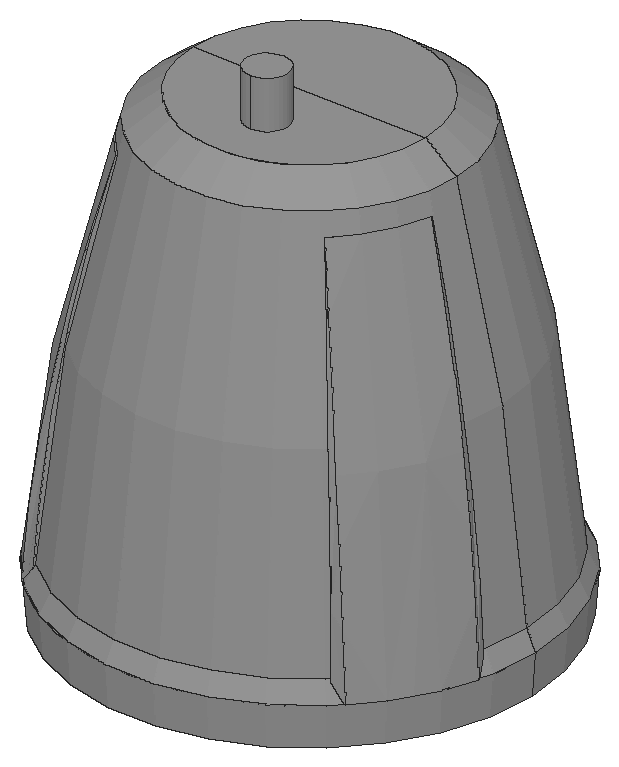
Revit family "AD-P6T", category Communication Devices, Revit 2014
Parameters
  Width [instance] = 287 mm
  Weight Product (lb) = 9
  Weight Product (kg) = 4.1
  Weight Dimensional (lb) = 11.8
  Weight Dimensional (kg) = 5.4
  URL = "http://www.qsc.com/systems/products/loudspeakers/pendant-loudspeakers/acousticdesigntm-series-pendant/ad-p6t/"
  Sensitivity = 88
  SPL Max = 112
  Regulatory Compliance = "EN54-24: 2008, UL1480, UL2043, NFPA90, NFPA70, UL1876, RoHS, CE, UL94-V0, UL94-5VB"
  Product Page URL = "http://www.qsc.com/systems/products/loudspeakers/pendant-loudspeakers/acousticdesigntm-series-pendant/ad-p6t/"
  Product Documentation Link = "http://www.qsc.com/resource-files/productresources/spk/ad/ad-p6t/q_spk_adp_6t_specs.pdf"
  Power Handling = 60
  Model = "AD-P6T"
  Manufacturer URL = "qsc.com"
  Manufacturer = "QSC Audio Products, LLC"
  Impedance = 16
  Height [instance] = 322.96 mm
  Grille Material [instance] = White Powder Coated Mesh
  Enclosure Material [instance] = White Finish
  Description = "6.5\" 2-Way Pendant-Mount Loudspeaker"
  Depth [instance] = 287.012 mm
  Default Elevation = 0 mm
  Coverage Vertical = 135.00°
  Coverage Horizontal = 135.00°
  70V Taps = "7.5, 15, 30, 60"
  100V Taps = "15, 30, 60"
Reference planes
  plane 1 "Center (Front/Back)": y = 0
  plane 2 "Center (Elevation)": z = 0
  plane 3 "Center (Left/Right)": x = 0
  plane 4: z = 277.96
  plane 5 "Back of Can": z = 292.96
  plane 6: z = 25
  plane 7: z = 37
  plane 8 "Back of Assembly": z = 322.96
  plane 9: y = 118.518
  plane 10: y = -118.518
  plane 11 "RP1": through (0, 0, 1219.2) normal (-0.9563, -0.2924, 0)
  plane 12 "RP2": through (0, 0, 1219.2) normal (-0.9563, 0.2924, 0)
  plane 13 "RP3": through (0, 0, 1219.2) normal (0.225, 0.9744, 0)
  plane 14 "RP4": through (0, 0, 1219.2) normal (0.7314, 0.682, 0)
  plane 15 "RP5": through (0, 0, 1219.2) normal (0.7314, -0.682, 0)
  plane 16 "RP6": through (0, 0, 1219.2) normal (0.225, -0.9744, 0)
  plane 17: x = -143.5
  plane 18: x = 143.5
  plane 19: y = 143.506
  plane 20: y = -143.506
Forms (mm)
  Revolve 1, solid, material "White Finish" <- "Enclosure Material"
    sketch origin (0, 0, -4.3) x (1, 0, 0) y (0, 0, 1)
      loop
        line (0, 29.3) -> (0, 297.26) -> (-73.5, 297.26) -> (-93.5, 282.26)
        arc (-93.5, 282.26) -> (-122.676, 163.088) -> (-137.545, 41.3) r 1035
        line (-137.545, 41.3) -> (-143.545, 29.3) -> (0, 29.3)
      axis (0, 297.26) -> (0, 29.3)
    angle from 0 to 360
  Revolve 2, solid, material "White Finish" <- "Enclosure Material"
    sketch origin (0, 0, 0) x (1, 0, 0) y (0, 0, 1)
      loop
        line (0, 25.09) -> (-143.5, 25.09) -> (-141.518, 0) -> (0, 0) -> (0, 25.09)
      axis (0, 25.09) -> (0, 0)
    angle from 0 to 360
  Revolve 3, solid, material "White Powder Coated Mesh" <- "Grille Material"
    sketch origin (0, 0, -4.3) x (1, 0, 0) y (0, 0, 1)
      loop
        line (0, 8.3) -> (-116, 8.3) -> (-116, 4.3) -> (0, 4.3) -> (0, 8.3)
      axis (0, 8.3) -> (0, 4.3)
    angle from 0 to 360
  Extrusion 4, solid, material "White Finish" <- "Enclosure Material"
    sketch origin (0, 0, 292.96) x (0, -1, 0) y (1, 0, 0)
      loop
        circle (34, 0) r 13
    from 0 to 30
  Revolve 5, solid, material "Black Finish"
    sketch origin (0, 0, -0.3) x (1, 0, 0) y (0, 0, 1)
      loop
        line (0, 8.3) -> (-116, 8.3) -> (-116, 4.3) -> (0, 4.3) -> (0, 8.3)
      axis (0, 8.3) -> (0, 4.3)
    angle from 0 to 360
  Revolve 6, void
    sketch origin (0, 0, -4.3) x (1, 0, 0) y (0, 0, 1)
      loop
        line (0, 10.851) -> (-116, 10.851) -> (-116, 4.3) -> (0, 4.3) -> (0, 10.851)
      axis (0, 10.851) -> (0, 4.3)
    angle from 0 to 360
  Revolve 7, solid, material "White Finish" <- "Enclosure Material"
    sketch origin (0, 0, 0) x (0, 1, 0) y (0, 0, 1)
      loop
        line (0, 25) -> (143.507, 25)
        arc (143.507, 25) -> (127.355, 146.358) -> (96.987, 264.96) r 1035
        line (96.987, 264.96) -> (0, 264.96) -> (0, 25)
      axis (0, 264.96) -> (0, 25)
    angle from -17 to 17
  SweptBlend 8, void
    path origin (0, 0, 0) x (0.292372, -0.956305, 0) y (0, 0, 1)
      loop
        arc (-96.987, 264.96) -> (-127.355, 146.358) -> (-143.507, 25) r 1035
    profile origin (-28.356, 92.749, 264.96) x (0.278449, -0.910766, -0.304911) y (-0.956305, -0.292372, 0)
      loop
        line (0.037, 0.059) -> (-6.618, -0.889) -> (-5.246, -8.431) -> (0.037, 0.059)
    end profile origin (-41.957, 137.236, 25) x (0.29159, -0.953749, -0.073065) y (-0.956305, -0.292372, 0)
      loop
        line (-3.182, -12.609) -> (6.966, 4.625) -> (-6.725, 1.082) -> (-3.182, -12.609)
  SweptBlend 9, void
    path origin (0, 0, 0) x (-0.292372, -0.956305, 0) y (0, 0, 1)
      loop
        arc (-96.987, 264.96) -> (-127.355, 146.358) -> (-143.507, 25) r 1035
    profile origin (28.356, 92.749, 264.96) x (0.278449, 0.910766, 0.304911) y (0.956305, -0.292372, 0)
      loop
        line (-0.037, 0.059) -> (5.246, -8.431) -> (6.618, -0.889) -> (-0.037, 0.059)
    end profile origin (41.957, 137.236, 25) x (0.29159, 0.953749, 0.073065) y (0.956305, -0.292372, 0)
      loop
        line (3.182, -12.609) -> (6.725, 1.082) -> (-6.966, 4.625) -> (3.182, -12.609)
  Revolve 10, solid, material "White Finish" <- "Enclosure Material"
    sketch origin (0, 0, 0) x (0.866025, -0.5, 0) y (0, 0, 1)
      loop
        line (0, 25) -> (143.507, 25)
        arc (143.507, 25) -> (127.355, 146.358) -> (96.987, 264.96) r 1035
        line (96.987, 264.96) -> (0, 264.96) -> (0, 25)
      axis (0, 264.96) -> (0, 25)
    angle from -17 to 17
  SweptBlend 11, void
    path origin (0, 0, 0) x (-0.97437, 0.224951, 0) y (0, 0, 1)
      loop
        arc (-96.987, 264.96) -> (-127.355, 146.358) -> (-143.507, 25) r 1035
    profile origin (94.501, -21.817, 264.96) x (-0.927971, 0.214239, -0.304911) y (0.224951, 0.97437, 0)
      loop
        line (0.037, 0.059) -> (-6.618, -0.889) -> (-5.246, -8.431) -> (0.037, 0.059)
    end profile origin (139.829, -32.282, 25) x (-0.971766, 0.22435, -0.073065) y (0.224951, 0.97437, 0)
      loop
        line (-3.182, -12.609) -> (6.966, 4.625) -> (-6.725, 1.082) -> (-3.182, -12.609)
  SweptBlend 12, void
    path origin (0, 0, 0) x (-0.681998, 0.731354, 0) y (0, 0, 1)
      loop
        arc (-96.987, 264.96) -> (-127.355, 146.358) -> (-143.507, 25) r 1035
    profile origin (66.145, -70.932, 264.96) x (0.649522, -0.696527, 0.304911) y (-0.731354, -0.681998, 0)
      loop
        line (-0.037, 0.059) -> (5.246, -8.431) -> (6.618, -0.889) -> (-0.037, 0.059)
    end profile origin (97.871, -104.954, 25) x (0.680175, -0.729399, 0.073065) y (-0.731354, -0.681998, 0)
      loop
        line (3.182, -12.609) -> (6.725, 1.082) -> (-6.966, 4.625) -> (3.182, -12.609)
  Revolve 13, solid, material "White Finish" <- "Enclosure Material"
    sketch origin (0, 0, 0) x (-0.866025, -0.5, 0) y (0, 0, 1)
      loop
        line (0, 25) -> (143.507, 25)
        arc (143.507, 25) -> (127.355, 146.358) -> (96.987, 264.96) r 1035
        line (96.987, 264.96) -> (0, 264.96) -> (0, 25)
      axis (0, 264.96) -> (0, 25)
    angle from -17 to 17
  SweptBlend 14, void
    path origin (0, 0, 0) x (0.681998, 0.731354, 0) y (0, 0, 1)
      loop
        arc (-96.987, 264.96) -> (-127.355, 146.358) -> (-143.507, 25) r 1035
    profile origin (-66.145, -70.932, 264.96) x (0.649522, 0.696527, -0.304911) y (0.731354, -0.681998, 0)
      loop
        line (0.037, 0.059) -> (-6.618, -0.889) -> (-5.246, -8.431) -> (0.037, 0.059)
    end profile origin (-97.871, -104.954, 25) x (0.680175, 0.729399, -0.073065) y (0.731354, -0.681998, 0)
      loop
        line (-3.182, -12.609) -> (6.966, 4.625) -> (-6.725, 1.082) -> (-3.182, -12.609)
  SweptBlend 15, void
    path origin (0, 0, 0) x (0.97437, 0.224951, 0) y (0, 0, 1)
      loop
        arc (-96.987, 264.96) -> (-127.355, 146.358) -> (-143.507, 25) r 1035
    profile origin (-94.501, -21.817, 264.96) x (-0.927971, -0.214239, 0.304911) y (-0.224951, 0.97437, 0)
      loop
        line (-0.037, 0.059) -> (5.246, -8.431) -> (6.618, -0.889) -> (-0.037, 0.059)
    end profile origin (-139.829, -32.282, 25) x (-0.971766, -0.22435, 0.073065) y (-0.224951, 0.97437, 0)
      loop
        line (3.182, -12.609) -> (6.725, 1.082) -> (-6.966, 4.625) -> (3.182, -12.609)
Cuts and joins
  Revolve 6 cuts Revolve 2
  SweptBlend 8, SweptBlend 9, SweptBlend 11, SweptBlend 12, SweptBlend 14, SweptBlend 15 cuts Revolve 7
  SweptBlend 11, SweptBlend 12 cuts Revolve 10
  SweptBlend 14, SweptBlend 15 cuts Revolve 13
Dimensions and locks
  plane 4 to plane 5 "Back of Can" = 15 mm
  plane 6 to plane 7 = 12 mm
  plane 7 to plane 4 = 240.96 mm
  "Height": plane 8 "Back of Assembly" to level
  plane 6 to level = 25 mm
  plane 4 to plane 7 = 240.96 mm
  plane 8 "Back of Assembly" to plane 5 "Back of Can" = 30 mm
  "Width": plane 18 to plane 17
  equal spacing: plane 18, plane 3 "Center (Left/Right)", plane 17
  equal spacing: plane 19, plane 1 "Center (Front/Back)", plane 20
  "Depth": plane 19 to plane 20
  Revolve 7 sketch curve to plane 4 = 13 mm
  aligned and locked: plane 2 "Center (Elevation)" to level
  aligned and locked: plane 6 to Revolve 1 sketch curve  (x2)
  aligned and locked: Revolve 1 sketch curve to plane 5 "Back of Can"
  aligned and locked: Extrusion 4 to plane 8 "Back of Assembly"
  aligned and locked: plane 4 to Revolve 1 sketch curve
  aligned and locked: plane 7 to Revolve 1 sketch curve
  aligned and locked: plane 6 to Revolve 7 sketch curve
  aligned and locked: Revolve 7 sketch curve to plane 1 "Center (Front/Back)"
Automatic sketch dimensions
  Extrusion 4 sketch curve to plane 3 "Center (Left/Right)" = 0 mm
  Extrusion 4 sketch curve to plane 1 "Center (Front/Back)" = 34 mm
  Revolve 2 sketch curve to plane 3 "Center (Left/Right)" = 0 mm  (x2)
  Revolve 2 sketch curve to level = 0 mm  (x2)
  Revolve 2 sketch curve to Revolve 2 sketch curve = 0 mm
  Revolve 2 sketch curve to Revolve 2 sketch curve = 1.982 mm
  plane 6 to Revolve 2 sketch curve = 0.09 mm
  Revolve 1 sketch curve to plane 3 "Center (Left/Right)" = 0 mm  (x2)
  Revolve 1 sketch curve to Revolve 1 sketch curve = 20 mm
  Revolve 1 sketch curve to plane 3 "Center (Left/Right)" = 137.545 mm
  Revolve 1 sketch curve to Revolve 1 sketch curve = 6 mm
  Revolve 1 sketch curve to level = 27.316 mm
  plane 6 to Revolve 1 sketch curve = 0.09 mm
  plane 4 to Revolve 1 sketch curve = 17.6 mm
  SweptBlend 8 sketch curve to profile plane = 0.889 mm
  profile plane to SweptBlend 8 sketch curve = 6.618 mm
  profile plane to SweptBlend 8 sketch curve = 5.246 mm
  SweptBlend 8 sketch curve to profile plane = 0.037 mm
  SweptBlend 8 sketch curve to SweptBlend 8 sketch curve = 7.542 mm
  profile plane to SweptBlend 8 sketch curve = 0.059 mm
  Revolve 7 sketch curve to plane 1 "Center (Front/Back)" = 0 mm
  Revolve 7 sketch curve to level = 50.623 mm
  plane 10 to Revolve 7 sketch curve = 770.209 mm
  plane 9 to Revolve 7 sketch curve = 21.531 mm
  plane 6 to Revolve 7 sketch curve = 0.09 mm
  Revolve 7 sketch curve to Revolve 7 sketch curve = 4.6 mm
  profile plane to SweptBlend 8 sketch curve = 1.082 mm
  profile plane to SweptBlend 8 sketch curve = 6.725 mm
  profile plane to SweptBlend 8 sketch curve = 3.182 mm
  profile plane to SweptBlend 8 sketch curve = 4.625 mm
  SweptBlend 8 sketch curve to profile plane = 6.966 mm
  profile plane to SweptBlend 9 sketch curve = 0.037 mm
  SweptBlend 9 sketch curve to profile plane = 5.246 mm
  SweptBlend 9 sketch curve to profile plane = 0.889 mm
  SweptBlend 9 sketch curve to profile plane = 6.618 mm
  SweptBlend 9 sketch curve to SweptBlend 9 sketch curve = 7.542 mm
  profile plane to SweptBlend 9 sketch curve = 0.059 mm
  profile plane to SweptBlend 9 sketch curve = 6.966 mm
  SweptBlend 9 sketch curve to profile plane = 3.182 mm
  profile plane to SweptBlend 9 sketch curve = 1.082 mm
  SweptBlend 9 sketch curve to profile plane = 6.725 mm
  SweptBlend 9 sketch curve to profile plane = 12.609 mm
  SweptBlend 9 sketch curve to plane 6 = 0 mm
  level to SweptBlend 9 sketch curve = 50.623 mm
  SweptBlend 9 sketch curve to plane 4 = 13 mm
  SweptBlend 9 sketch curve to SweptBlend 9 sketch curve = 985.714 mm
  Revolve 10 sketch curve to plane 6 = 0 mm
  Revolve 10 sketch curve to level = 50.623 mm
  Revolve 10 sketch curve to Revolve 10 sketch curve = 888.727 mm
  plane 4 to Revolve 10 sketch curve = 13 mm
  Revolve 10 sketch curve to Revolve 10 sketch curve = 96.987 mm
  Revolve 10 sketch curve to Revolve 10 sketch curve = 0 mm
  plane 6 to Revolve 10 sketch curve = 0.09 mm
  Revolve 10 sketch curve to Revolve 10 sketch curve = 4.6 mm
  SweptBlend 11 sketch curve to profile plane = 0.889 mm
  profile plane to SweptBlend 11 sketch curve = 6.618 mm
  profile plane to SweptBlend 11 sketch curve = 5.246 mm
  SweptBlend 11 sketch curve to profile plane = 0.037 mm
  SweptBlend 11 sketch curve to SweptBlend 11 sketch curve = 7.542 mm
  profile plane to SweptBlend 11 sketch curve = 0.059 mm
  profile plane to SweptBlend 11 sketch curve = 1.082 mm
  profile plane to SweptBlend 11 sketch curve = 6.725 mm
  profile plane to SweptBlend 11 sketch curve = 3.182 mm
  SweptBlend 11 sketch curve to profile plane = 6.966 mm
  SweptBlend 11 sketch curve to profile plane = 12.609 mm
  profile plane to SweptBlend 12 sketch curve = 0.037 mm
  SweptBlend 12 sketch curve to profile plane = 5.246 mm
  SweptBlend 12 sketch curve to plane 14 "RP4" = 0.889 mm
  SweptBlend 12 sketch curve to profile plane = 6.618 mm
  SweptBlend 12 sketch curve to SweptBlend 12 sketch curve = 7.542 mm
  plane 14 "RP4" to SweptBlend 12 sketch curve = 0.059 mm
  profile plane to SweptBlend 12 sketch curve = 6.966 mm
  SweptBlend 12 sketch curve to profile plane = 3.182 mm
  plane 14 "RP4" to SweptBlend 12 sketch curve = 1.082 mm
  SweptBlend 12 sketch curve to profile plane = 6.725 mm
  SweptBlend 12 sketch curve to plane 14 "RP4" = 12.609 mm
  plane 6 to SweptBlend 11 sketch curve = 0 mm
  SweptBlend 11 sketch curve to level = 50.623 mm
  plane 4 to SweptBlend 11 sketch curve = 13 mm
  SweptBlend 11 sketch curve to SweptBlend 11 sketch curve = 985.714 mm
  SweptBlend 12 sketch curve to plane 6 = 0 mm
  level to SweptBlend 12 sketch curve = 50.623 mm
  SweptBlend 12 sketch curve to plane 4 = 13 mm
  SweptBlend 12 sketch curve to SweptBlend 12 sketch curve = 985.714 mm
  plane 6 to Revolve 13 sketch curve = 0 mm
  Revolve 13 sketch curve to level = 50.623 mm
  Revolve 13 sketch curve to Revolve 13 sketch curve = 888.727 mm
  plane 4 to Revolve 13 sketch curve = 13 mm
  Revolve 13 sketch curve to Revolve 13 sketch curve = 96.987 mm
  Revolve 13 sketch curve to Revolve 13 sketch curve = 0 mm
  plane 6 to Revolve 13 sketch curve = 0.09 mm
  Revolve 13 sketch curve to Revolve 13 sketch curve = 4.6 mm
  SweptBlend 14 sketch curve to profile plane = 0.889 mm
  profile plane to SweptBlend 14 sketch curve = 6.618 mm
  profile plane to SweptBlend 14 sketch curve = 5.246 mm
  SweptBlend 14 sketch curve to profile plane = 0.037 mm
  SweptBlend 14 sketch curve to SweptBlend 14 sketch curve = 7.542 mm
  profile plane to SweptBlend 14 sketch curve = 0.059 mm
  profile plane to SweptBlend 14 sketch curve = 1.082 mm
  profile plane to SweptBlend 14 sketch curve = 6.725 mm
  profile plane to SweptBlend 14 sketch curve = 3.182 mm
  SweptBlend 14 sketch curve to profile plane = 6.966 mm
  SweptBlend 14 sketch curve to profile plane = 12.609 mm
  profile plane to SweptBlend 15 sketch curve = 0.037 mm
  SweptBlend 15 sketch curve to profile plane = 5.246 mm
  SweptBlend 15 sketch curve to plane 16 "RP6" = 0.889 mm
  SweptBlend 15 sketch curve to profile plane = 6.618 mm
  SweptBlend 15 sketch curve to SweptBlend 15 sketch curve = 7.542 mm
  plane 16 "RP6" to SweptBlend 15 sketch curve = 0.059 mm
  profile plane to SweptBlend 15 sketch curve = 6.966 mm
  SweptBlend 15 sketch curve to profile plane = 3.182 mm
  plane 16 "RP6" to SweptBlend 15 sketch curve = 1.082 mm
  SweptBlend 15 sketch curve to profile plane = 6.725 mm
  SweptBlend 15 sketch curve to plane 16 "RP6" = 12.609 mm
  SweptBlend 14 sketch curve to plane 6 = 0 mm
  SweptBlend 14 sketch curve to level = 50.623 mm
  plane 4 to SweptBlend 14 sketch curve = 13 mm
  SweptBlend 14 sketch curve to SweptBlend 14 sketch curve = 985.714 mm
  plane 6 to SweptBlend 15 sketch curve = 0 mm
  level to SweptBlend 15 sketch curve = 50.623 mm
  SweptBlend 15 sketch curve to plane 4 = 13 mm
  SweptBlend 15 sketch curve to SweptBlend 15 sketch curve = 985.714 mm
  Revolve 3 sketch curve to level = 0 mm  (x2)
  Revolve 3 sketch curve to plane 3 "Center (Left/Right)" = 0 mm  (x2)
  level to Revolve 3 sketch curve = 4 mm
  Revolve 3 sketch curve to Revolve 3 sketch curve = 4.3 mm
  Revolve 5 sketch curve to plane 3 "Center (Left/Right)" = 0 mm  (x2)
  level to Revolve 5 sketch curve = 8 mm
  level to Revolve 5 sketch curve = 4 mm
  Revolve 5 sketch curve to Revolve 5 sketch curve = 0 mm
  Revolve 5 sketch curve to level = 0.3 mm
  Revolve 6 sketch curve to level = 0 mm  (x2)
  Revolve 6 sketch curve to plane 3 "Center (Left/Right)" = 0 mm  (x2)
  level to Revolve 6 sketch curve = 6.551 mm
  Revolve 6 sketch curve to Revolve 6 sketch curve = 4.3 mm
  Revolve 1 sketch curve to plane 3 "Center (Left/Right)" = 93.5 mm
  Revolve 2 sketch curve to plane 17 = 0 mm
  plane 17 to Revolve 3 sketch curve = 27.5 mm
  plane 17 to Revolve 5 sketch curve = 27.5 mm
  plane 17 to Revolve 6 sketch curve = 27.5 mm
  radius of Extrusion 4 sketch curve = 13 mm
